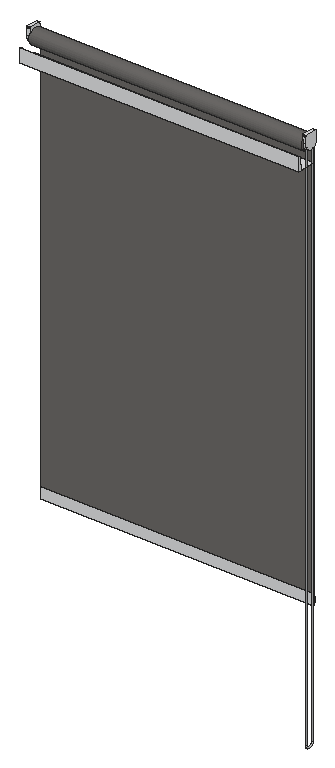
Revit family "Shades-Hunter_Douglas-RB500-Single_Standard_Duty-Clutch-38_46_55_Bracket-Pocket", category Specialty Equipment, Revit 2026
Family settings
  Round Connector Dimension = Use Diameter
  Part Type = Normal
  Classification Number = 23.30.60.14
  Work Plane-Based = No
  Enable Cutting in Views = No
  Always vertical = Yes
  Cut with Voids When Loaded = No
  Maintain Annotation Orientation = No
  Shared = No
  Room Calculation Point = No
Parameters (values of type "38 Gypsum Pocket")
  URL = "https://www.hunterdouglasarchitectural.com/"
  Type Comments = if(CD_Gypsum Pocket, "Gypsum Pocket", if(CD_Surface Pocket, "Surface Pocket", "Tile Pocket"))  # "Gypsum Pocket"
  Default Elevation = 0' - 0"
  CD_Surface Pocket Calc = or(CD_Surface Pocket, CD_Tile Pocket)  # no
  CD_Surface Pocket 55 = and(or(CD_Surface Pocket, CD_Tile Pocket), CD_55)  # no
  CD_Surface Pocket 46 = and(or(CD_Surface Pocket, CD_Tile Pocket), CD_46)  # no
  CD_Surface Pocket 38 = and(or(CD_Surface Pocket, CD_Tile Pocket), CD_38)  # no
  Model = if(CD_55, "Standard Duty Clutch 55 Bracket", if(CD_46, "Standard Duty Automated 46 Bracket", "Standard Duty Automated 55 Bracket"))  # "Standard Duty Automated 55 Bracket"
  Manufacturer = "Hunter Douglas Architectural"  # constant formula
  Description = "Standard Duty Clutch Roller Shade"  # constant formula
  CD_Tile Pocket = no
  CD_Surface Pocket = no
  CD_Top Bracket Offset = if(CD_Gypsum Pocket, 0' 0", 0' 0 3/32")  # 0' - 0"
  CD_Roller Offset = if(CD_Gypsum Pocket, 0' 2 41/64", 0' 2 41/64")  # 0' - 2 41/64"
  CD_Gypsum Pocket 55 = and(CD_Gypsum Pocket, CD_55)  # no
  CD_Gypsum Pocket 46 = and(CD_Gypsum Pocket, CD_46)  # no
  CD_Gypsum Pocket 38 = and(CD_Gypsum Pocket, CD_38)  # yes
  CD_Gypsum Pocket = not(or(CD_Surface Pocket, CD_Tile Pocket))  # yes
  CD_Width [instance] = 4' - 0"
  CD_Warranty = "https://assets.hunterdouglasarchitectural.com/documents/RB500/Lifetime_Guarantee_HDA.pdf?_rand=1465740819000"
  CD_Screen Offset From Face = if(CD_Gypsum Pocket, 0' 1 119/256" - 0' 0 15/64" + 0' 0 9/64", 0' 1 153/256" - 0' 0 29/128")  # 0' - 1 95/256"
  CD_Product Page URL = "https://www.hunterdouglasarchitectural.com/windowcoverings/rollershades/RB500/index.jsp"
  CD_Product Name = "RB 500 Roller Shade System"  # constant formula
  CD_Product Documentation Link = "https://www.hunterdouglasarchitectural.com/windowcoverings/rollershades/RB500/index.jsp#cadDrawing"
  CD_Opening Percentage [instance] = 25
  CD_Microsite = "https://microsite.caddetails.com/1669"
  CD_Install Documentation = "https://www.hunterdouglasarchitectural.com/windowcoverings/rollershades/RB500/index.jsp#installationPage"
  CD_Horizontal Roller Offset = if(CD_55, 0' 3 1/32" - CD_Top Bracket Offset + CD_Bottom Offset + 0' 0 3/128", if(CD_46, 0' 3 13/32" - CD_Top Bracket Offset + CD_Bottom Offset + 0' 0 11/256", 0' 3 75/128" - CD_Top Bracket Offset + CD_Bottom Offset - 0' 0 3/128"))  # 0' - 3 49/128"
  CD_Height Opening [instance] = ((CD_Height - CD_Bracket Height - 0' 1 101/256") * CD_Opening Percentage) / 100  # 1' - 10.40137"
  CD_Height [instance] = 8' - 0"
  CD_Front Gypsum Offset = if(CD_Gypsum Pocket, 0' 0 19/128", 0' 0")  # 0' - 0 19/128"
  CD_Finish Rail = Metal-Aluminum-Hunter_Douglas-Anodized-White
  CD_Finish Frame = Metal-Aluminum-Hunter_Douglas-Anodized-White
  CD_Finish = Fabric-Shade-Hunter_Douglas-5%-E_Screen-Charcoal_Cocoa
  CD_Fabric Sizing Disclaimer = "Designer to verify maximum fabric size with Manufacturer as the maximum fabric size is dependent on finished dimensions"  # constant formula
  CD_Bracket Height = if(CD_Gypsum Pocket, 0' 5", 0' 5 9/32")  # 0' - 5"
  CD_Bracket Depth = if(CD_Gypsum Pocket, 0' 5", 0' 5 9/32")  # 0' - 5"
  CD_Bottom Offset = if(CD_Gypsum Pocket, -0' 0 23/128", 0' 0 25/256")  # -0' - 0 23/128"
  CD_Base Gypsum Offset = if(and(or(CD_46, CD_55), CD_Gypsum Pocket), 0' 0 3/32", 0' 0")  # 0' - 0"
  CD_46 = no
  Assembly Code = "E2010300"
  CD_55 = no
  CD_38 = not(or(CD_55, CD_46))  # yes
Types (10): name | Type Comments | CD_Surface Pocket Calc | CD_Surface Pocket 55 | CD_Surface Pocket 46 | CD_Surface Pocket 38 | Model | CD_Tile Pocket | CD_Surface Pocket | CD_Top Bracket Offset | CD_Gypsum Pocket 55 | CD_Gypsum Pocket 46 | CD_Gypsum Pocket 38 | CD_Gypsum Pocket | CD_Horizontal Roller Offset | CD_Height Opening | CD_Front Gypsum Offset | CD_Bracket Height | CD_Bracket Depth | CD_Bottom Offset | CD_Base Gypsum Offset | CD_46 | CD_55 | CD_38
  (no name) | "Gypsum Pocket" | no | no | no | no | "Standard Duty Automated 55 Bracket" | no | no | 0' - 0" | no | no | yes | yes | 0' - 3 49/128" | 1' - 10.40137" | 0' - 0 19/128" | 0' - 5" | 0' - 5" | -0' - 0 23/128" | 0' - 0" | no | no | yes
  38 Gypsum Pocket | "Gypsum Pocket" | no | no | no | no | "Standard Duty Automated 55 Bracket" | no | no | 0' - 0" | no | no | yes | yes | 0' - 3 49/128" | 1' - 10.40137" | 0' - 0 19/128" | 0' - 5" | 0' - 5" | -0' - 0 23/128" | 0' - 0" | no | no | yes
  38 Tile Pocket | "Tile Pocket" | yes | no | no | yes | "Standard Duty Automated 55 Bracket" | yes | no | 0' - 0 3/32" | no | no | no | no | 0' - 3 145/256" | 1' - 10.33105" | 0' - 0" | 0' - 5 9/32" | 0' - 5 9/32" | 0' - 0 25/256" | 0' - 0" | no | no | yes
  38 Surface Pocket | "Surface Pocket" | yes | no | no | yes | "Standard Duty Automated 55 Bracket" | no | yes | 0' - 0 3/32" | no | no | no | no | 0' - 3 145/256" | 1' - 10.33105" | 0' - 0" | 0' - 5 9/32" | 0' - 5 9/32" | 0' - 0 25/256" | 0' - 0" | no | no | yes
  46 Surface Pocket | "Surface Pocket" | yes | no | yes | no | "Standard Duty Automated 46 Bracket" | no | yes | 0' - 0 3/32" | no | no | no | no | 0' - 3 29/64" | 1' - 10.33105" | 0' - 0" | 0' - 5 9/32" | 0' - 5 9/32" | 0' - 0 25/256" | 0' - 0" | yes | no | no
  55 Surface Pocket | "Surface Pocket" | yes | yes | no | no | "Standard Duty Clutch 55 Bracket" | no | yes | 0' - 0 3/32" | no | no | no | no | 0' - 3 15/256" | 1' - 10.33105" | 0' - 0" | 0' - 5 9/32" | 0' - 5 9/32" | 0' - 0 25/256" | 0' - 0" | no | yes | no
  46 Gypsum Pocket | "Gypsum Pocket" | no | no | no | no | "Standard Duty Automated 46 Bracket" | no | no | 0' - 0" | no | yes | no | yes | 0' - 3 69/256" | 1' - 10.40137" | 0' - 0 19/128" | 0' - 5" | 0' - 5" | -0' - 0 23/128" | 0' - 0 3/32" | yes | no | no
  55 Gypsum Pocket | "Gypsum Pocket" | no | no | no | no | "Standard Duty Clutch 55 Bracket" | no | no | 0' - 0" | yes | no | no | yes | 0' - 2 7/8" | 1' - 10.40137" | 0' - 0 19/128" | 0' - 5" | 0' - 5" | -0' - 0 23/128" | 0' - 0 3/32" | no | yes | no
  46 Tile Pocket | "Tile Pocket" | yes | no | yes | no | "Standard Duty Automated 46 Bracket" | yes | no | 0' - 0 3/32" | no | no | no | no | 0' - 3 29/64" | 1' - 10.33105" | 0' - 0" | 0' - 5 9/32" | 0' - 5 9/32" | 0' - 0 25/256" | 0' - 0" | yes | no | no
  55 Tile Pocket | "Tile Pocket" | yes | yes | no | no | "Standard Duty Clutch 55 Bracket" | yes | no | 0' - 0 3/32" | no | no | no | no | 0' - 3 15/256" | 1' - 10.33105" | 0' - 0" | 0' - 5 9/32" | 0' - 5 9/32" | 0' - 0 25/256" | 0' - 0" | no | yes | no
Reference planes (in)
  plane 1 "Center (Front/Back)": y = 0.76082
  plane 2 "Bottom": z = 0
  plane 3 "Center (Left/Right)": x = 0
  plane 4 "Top": z = 96
  plane 5 "Left": x = -24
  plane 6 "Right": x = 24
  plane 7 "Back": y = 3.40145
  plane 8 "Front": y = -1.59855
  plane 9 "Opening": z = 22.40137
  plane 10 "Head Height": z = 91
  plane 11 "Shade Left": x = -23.44922
  plane 12 "Shade Right": x = 23.44922
  plane 13 "Blind Location": y = 2.03035
  plane 14 "Top Pocket": z = 96
  plane 15 "Center (Elevation)": z = 94.38281
  plane 16 "Top Bracket": z = 96
Forms (in)
  Extrusion 1, solid, material "Fabric-Shade-Hunter_Douglas-5%-E_Screen-Charcoal_Cocoa" <- "CD_Finish"
    sketch origin (0, 5.20776, -0.44956) x (0, 1, 0) y (0, 0, 1)
      loop
        line (-3.15469, 91.68359) -> (-3.15469, 94.84374)
        arc (-3.15469, 94.84374) -> (-5.73295, 94.92847) -> (-3.1949, 94.46706) r 1.29332
        line (-3.1949, 94.46706) -> (-3.1949, 91.68359) -> (-3.15469, 91.68359)
    from -23.44922 to 23.44922
  Extrusion 2, solid, material "Metal-Aluminum-Hunter_Douglas-Anodized-White" <- "CD_Finish Rail", detail levels fine
    sketch origin (0, -1.20495, -20.35107) x (0, 1, 0) y (0, 0, 1)
      loop
        line (3.429, 43.83667) -> (3.25853, 44.56856) -> (3.21208, 44.56856) -> (3.21208, 42.75243) -> (3.29707, 42.75243) -> (3.47983, 43.32416)
        arc (3.47983, 43.32416) -> (3.47646, 43.5826) -> (3.429, 43.83667) r 1.50771
    from -23.44922 to 23.44922
  Extrusion 3, solid, material "Fabric-Shade-Hunter_Douglas-5%-E_Screen-Charcoal_Cocoa" <- "CD_Finish"
    sketch origin (0, 0, 0) x (0, 1, 0) y (0, 0, 1)
      loop
        line (2.05324, 22.40137) -> (2.05324, 91.46875) -> (2.01286, 91.46875) -> (2.01286, 22.40137) -> (2.05324, 22.40137)
    from -23.44922 to 23.44922
  Extrusion 4, solid, material "Metal-Aluminum-Hunter_Douglas-Anodized-White" <- "CD_Finish Frame", visible <- "CD_55", detail levels medium+fine
    sketch origin (0, 33.91288, 35.8975) x (0, 0, 1) y (0, -1, 0)
      loop
        line (59.98852, 32.12048) -> (60.10185, 32.12048) -> (60.10185, 34.12048) -> (59.98852, 34.12048) -> (59.98852, 34.03623) -> (59.80261, 34.03623) -> (59.80261, 34.12048) -> (58.17689, 34.12048)
        arc (58.17689, 34.12048) -> (56.92482, 33.09877) -> (58.2111, 32.12048) r 1.02869
        line (58.2111, 32.12048) -> (59.80261, 32.12048) -> (59.80261, 32.2053) -> (59.98852, 32.2053) -> (59.98852, 32.12048)
    from 23.44922 to 24
  Extrusion 5, solid, material "Metal-Aluminum-Hunter_Douglas-Anodized-White" <- "CD_Finish Frame", visible <- "CD_55", detail levels medium+fine
    sketch origin (0, 33.91288, 35.8975) x (0, 0, 1) y (0, -1, 0)
      loop
        line (59.98852, 32.12048) -> (60.10185, 32.12048) -> (60.10185, 34.12048) -> (59.98852, 34.12048) -> (59.98852, 34.03623) -> (59.80261, 34.03623) -> (59.80261, 34.12048) -> (58.17689, 34.12048)
        arc (58.17689, 34.12048) -> (56.92482, 33.09877) -> (58.2111, 32.12048) r 1.02869
        line (58.2111, 32.12048) -> (59.80261, 32.12048) -> (59.80261, 32.2053) -> (59.98852, 32.2053) -> (59.98852, 32.12048)
    from -24 to -23.44922
  Extrusion 6, solid, material "Metal-Aluminum-Hunter_Douglas-Anodized-White" <- "CD_Finish Frame", visible <- "CD_46", detail levels medium+fine
    sketch origin (0, 34.34577, 36.74211) x (0, 0, 1) y (0, -1, 0)
      loop
        line (59.14391, 32.55336) -> (59.2572, 32.55336) -> (59.2572, 34.55336) -> (59.14391, 34.55336) -> (59.14391, 34.46989) -> (58.95801, 34.46989) -> (58.95801, 34.55414) -> (57.71633, 34.55414)
        arc (57.71633, 34.55414) -> (56.45647, 33.54164) -> (57.73601, 32.55414) r 1.02869
        line (57.73601, 32.55414) -> (58.95801, 32.55414) -> (58.95801, 32.63896) -> (59.14391, 32.63896) -> (59.14391, 32.55336)
    from -24 to -23.44922
  Extrusion 7, solid, material "Metal-Aluminum-Hunter_Douglas-Anodized-White" <- "CD_Finish Frame", visible <- "CD_46", detail levels medium+fine
    sketch origin (0, 34.34577, 36.74211) x (0, 0, 1) y (0, -1, 0)
      loop
        line (59.14391, 32.55336) -> (59.2572, 32.55336) -> (59.2572, 34.55414) -> (59.14391, 34.55414) -> (59.14391, 34.46989) -> (58.95801, 34.46989) -> (58.95801, 34.55414) -> (57.71633, 34.55414)
        arc (57.71633, 34.55414) -> (56.45647, 33.54164) -> (57.73601, 32.55414) r 1.02869
        line (57.73601, 32.55414) -> (58.95801, 32.55414) -> (58.95801, 32.63896) -> (59.14391, 32.63896) -> (59.14391, 32.55336)
    from 23.44922 to 24
  Extrusion 8, solid, material "Metal-Aluminum-Hunter_Douglas-Anodized-White" <- "CD_Finish Frame", visible <- "CD_38", detail levels medium+fine
    sketch origin (0, 35.3739, 36.69413) x (0, 0, 1) y (0, -1, 0)
      loop
        line (59.19193, 33.58189) -> (59.30523, 33.58189) -> (59.30523, 35.58189) -> (59.19193, 35.58189) -> (59.19193, 35.49764) -> (59.00602, 35.49764) -> (59.00602, 35.58189) -> (57.94086, 35.58189)
        arc (57.94086, 35.58189) -> (56.681, 34.56939) -> (57.96054, 33.58189) r 1.02869
        line (57.96054, 33.58189) -> (59.00602, 33.58189) -> (59.00602, 33.66671) -> (59.19193, 33.66671) -> (59.19193, 33.58189)
    from -24 to -23.44922
  Extrusion 9, solid, material "Metal-Aluminum-Hunter_Douglas-Anodized-White" <- "CD_Finish Frame", visible <- "CD_38", detail levels medium+fine
    sketch origin (0, 35.3739, 36.69413) x (0, 0, 1) y (0, -1, 0)
      loop
        line (59.19193, 33.58189) -> (59.30523, 33.58189) -> (59.30523, 35.58189) -> (59.19193, 35.58189) -> (59.19193, 35.49764) -> (59.00602, 35.49764) -> (59.00602, 35.58189) -> (57.94086, 35.58189)
        arc (57.94086, 35.58189) -> (56.681, 34.56939) -> (57.96054, 33.58189) r 1.02869
        line (57.96054, 33.58189) -> (59.00602, 33.58189) -> (59.00602, 33.66671) -> (59.19193, 33.66671) -> (59.19193, 33.58189)
    from 23.44922 to 24
  Extrusion 10, solid, material "Metal-Aluminum-Hunter_Douglas-Anodized-White" <- "CD_Finish Frame", visible <- "CD_Gypsum Pocket", detail levels medium+fine
    sketch origin (0, 8, 6.62755) x (0, 1, 0) y (0, 0, 1)
      loop
        line (-6.48168, 84.37245) -> (-6.48168, 84.44278) -> (-9.41945, 84.44278) -> (-9.41945, 85.39215) -> (-9.6847, 85.39215) -> (-9.6847, 86.69659) -> (-9.74699, 86.69659) -> (-9.74699, 84.37245) -> (-6.48168, 84.37245)
    from -24 to 24
  Extrusion 11, solid, material "Metal-Aluminum-Hunter_Douglas-Anodized-White" <- "CD_Finish Frame", visible <- "CD_Surface Pocket Calc", detail levels medium+fine
    sketch origin (0, 0, 0) x (0, 1, 0) y (0, 0, 1)
      loop
        line (3.40145, 91) -> (3.40145, 96) -> (-1.59203, 96) -> (-1.59203, 91) -> (1.70467, 91) -> (1.70467, 91.07033) -> (-1.2331, 91.07033) -> (-1.2331, 92.01971) -> (-1.49759, 92.01971) -> (-1.49759, 95.90625) -> (3.12214, 95.90625) -> (3.12214, 91) -> (3.40145, 91)
    from -24 to 24
  Extrusion 12, solid, material "Metal-Aluminum-Hunter_Douglas-Anodized-White" <- "CD_Finish Frame", visible <- "CD_Tile Pocket", detail levels medium+fine
    sketch origin (0, 8.14389, -14.00652) x (0, 1, 0) y (0, 0, 1)
      loop
        line (-9.73592, 105.00652) -> (-9.73592, 105.10096) -> (-10.61504, 105.10096) -> (-10.61504, 105.00652) -> (-9.73592, 105.00652)
    from -24 to 24
  Extrusion 13, solid, material "Metal-Aluminum-Hunter_Douglas-Anodized-White" <- "CD_Finish Frame", detail levels coarse
    sketch origin (0, 0, 0) x (0, 1, 0) y (0, 0, 1)
      loop
        line (3.40145, 96) -> (-1.59855, 96) -> (-1.59855, 91) -> (3.40145, 91) -> (3.40145, 96)
    from -24 to 24
  Sweep 14, solid, material "Metal-Aluminum-Hunter_Douglas-Anodized-White" <- "CD_Finish Frame", detail levels fine
    path origin (24, 0, 0) x (0, 0, 1) y (0, -1, 0)
      loop
        line (1.88496, -1.44754) -> (94.3377, -1.44754)
        arc (94.3377, -1.44754) -> (95.01563, -0.76962) -> (94.3377, -0.09169) r 0.67793
        line (94.3377, -0.09169) -> (1.88496, -0.09169)
        arc (1.88496, -0.09169) -> (1.20703, -0.76962) -> (1.88496, -1.44754) r 0.67793
    profile origin (24, 1.44754, 48.11133) x (0, -1, 0) y (1, 0, 0)
      loop
        circle (0, -0.26563) r 0.08594
Cuts and joins
  joined: Extrusion 1, Extrusion 3
Lines and regions (in)
  Masking region 1
    outline origin (0, 0, 0) x (0, 1, 0) y (0, 0, 1)
      loop
        line (2.22404, 23.4856) -> (2.05358, 24.21749) -> (2.00713, 24.21749) -> (2.00713, 22.40137) -> (2.09212, 22.40137) -> (2.27787, 22.97309)
        arc (2.27787, 22.97309) -> (2.26856, 23.2312) -> (2.22404, 23.4856) r 1.8836
Dimensions and locks (in)
  "CD_Height": plane 4 "Top" to plane 2 "Bottom"
  equal spacing: plane 5 "Left", plane 3 "Center (Left/Right)", plane 6 "Right"
  "CD_Width": plane 5 "Left" to plane 6 "Right"
  "CD_Roller Offset": plane 1 "Center (Front/Back)" to plane 7 "Back"
  "CD_Bracket Depth": plane 8 "Front" to plane 7 "Back"
  locked: Extrusion 3 sketch curve to plane 10 "Head Height" at 0.46875
  Extrusion 3 sketch curve to plane 13 "Blind Location" to Extrusion 3 sketch curve = 0' - 0.02288" locked, 0' - 0.01749" locked
  locked: plane 5 "Left" to plane 11 "Shade Left" at 0.55078
  locked: plane 12 "Shade Right" to plane 6 "Right" at 0.55078
  "CD_Height Opening": plane 9 "Opening" to level
  "CD_Bracket Height": plane 4 "Top" to plane 10 "Head Height"
  "CD_Screen Offset From Face": plane 13 "Blind Location" to plane 7 "Back"
  Extrusion 2 sketch curve to plane 9 "Opening" to Extrusion 2 sketch curve to Extrusion 2 sketch curve to Extrusion 2 sketch curve = 0' - 0" locked, 0' - 0.57173" locked, 0' - 0.51251" locked, 0' - 0.7319" locked
  Extrusion 2 sketch curve to Extrusion 2 sketch curve to Extrusion 2 sketch curve to plane 13 "Blind Location" to Extrusion 3 = 0' - 0.18675" locked, 0' - 0.03854" locked, 0' - 0.02323" locked, 0' - 0.01749" locked
  plane 4 "Top" to plane 14 "Top Pocket" = 0' - 0"
  Extrusion 5 sketch curve to Extrusion 5 sketch curve to Extrusion 5 sketch curve to Extrusion 5 sketch curve to Extrusion 5 sketch curve to Extrusion 5 sketch curve to Extrusion 5 sketch curve to plane 7 "Back" = 0' - 0.02458" locked, 0' - 0" locked, 0' - 0.08425" locked, 0' - 1.83093" locked, 0' - 0.08482" locked, 0' - 0" locked, 0' - 1.60905" locked
  plane 16 "Top Bracket" to Extrusion 5 sketch curve to Extrusion 5 sketch curve to Extrusion 5 sketch curve to Extrusion 5 sketch curve to Extrusion 5 sketch curve to Extrusion 5 sketch curve to Extrusion 5 sketch curve to Extrusion 5 sketch curve = 0' - 0.00064" locked, 0' - 0.11334" locked, 0' - 0" locked, 0' - 0.1859" locked, 0' - 0" locked, 0' - 1.59152" locked, 0' - 0.0342" locked, 0' - 1.25222" locked
  Extrusion 4 sketch curve to Extrusion 4 sketch curve to Extrusion 4 sketch curve to Extrusion 4 sketch curve to Extrusion 4 sketch curve to Extrusion 4 sketch curve to Extrusion 4 sketch curve to plane 7 "Back" = 0' - 0.02458" locked, 0' - 0" locked, 0' - 0.08425" locked, 0' - 1.83093" locked, 0' - 0.08482" locked, 0' - 0" locked, 0' - 1.60905" locked
  plane 16 "Top Bracket" to Extrusion 4 sketch curve to Extrusion 4 sketch curve to Extrusion 4 sketch curve to Extrusion 4 sketch curve to Extrusion 4 sketch curve to Extrusion 4 sketch curve to Extrusion 4 sketch curve to Extrusion 4 sketch curve = 0' - 0.00064" locked, 0' - 0.11334" locked, 0' - 0" locked, 0' - 0.1859" locked, 0' - 0" locked, 0' - 1.59152" locked, 0' - 0.0342" locked, 0' - 1.25222" locked
  plane 16 "Top Bracket" to Extrusion 6 sketch curve to Extrusion 6 sketch curve to Extrusion 6 sketch curve to Extrusion 6 sketch curve to Extrusion 6 sketch curve to Extrusion 6 sketch curve to Extrusion 6 sketch curve to Extrusion 6 sketch curve = 0' - 0.00069" locked, 0' - 0 29/256" locked, 0' - 0" locked, 0' - 0.1859" locked, 0' - 0" locked, 0' - 1.222" locked, 0' - 0.01968" locked, 0' - 1.25991" locked
  Extrusion 6 sketch curve to Extrusion 6 sketch curve to Extrusion 6 sketch curve to plane 1 "Center (Front/Back)" to Extrusion 6 sketch curve to Extrusion 6 sketch curve to Extrusion 6 sketch curve to Extrusion 6 sketch curve = 0' - 0.00078" locked, 0' - 0.08482" locked, 0' - 0.94598" locked, 0' - 0.88495" locked, 0' - 0.08347" locked, 0' - 0.00078" locked, 0' - 0.02632" locked
  plane 16 "Top Bracket" to Extrusion 7 sketch curve to Extrusion 7 sketch curve to Extrusion 7 sketch curve to Extrusion 7 sketch curve to Extrusion 7 sketch curve to Extrusion 7 sketch curve to Extrusion 7 sketch curve to Extrusion 7 sketch curve = 0' - 0.00069" locked, 0' - 0 29/256" locked, 0' - 0" locked, 0' - 0.1859" locked, 0' - 0" locked, 0' - 1.222" locked, 0' - 0.01968" locked, 0' - 1.25991" locked
  plane 7 "Back" to Extrusion 7 sketch curve to Extrusion 7 sketch curve to Extrusion 7 sketch curve to Extrusion 7 sketch curve to Extrusion 7 sketch curve to Extrusion 7 sketch curve to Extrusion 7 sketch curve = 0' - 1.60905" locked, 0' - 0.00078" locked, 0' - 0.08482" locked, 0' - 1.83093" locked, 0' - 0.08425" locked, 0' - 0" locked, 0' - 0.02632" locked
  plane 16 "Top Bracket" to Extrusion 8 sketch curve to Extrusion 8 sketch curve to Extrusion 8 sketch curve to Extrusion 8 sketch curve to Extrusion 8 sketch curve to Extrusion 8 sketch curve to Extrusion 8 sketch curve = 0' - 0.00064" locked, 0' - 0.11331" locked, 0' - 0" locked, 0' - 0.1859" locked, 0' - 0" locked, 0' - 1.06516" locked, 0' - 1.25991" locked
  Extrusion 8 sketch curve to Extrusion 8 sketch curve to Extrusion 8 sketch curve to Extrusion 8 sketch curve to Extrusion 8 sketch curve to Extrusion 8 sketch curve to Extrusion 8 sketch curve to plane 7 "Back" = 0' - 0" locked, 0' - 0.08425" locked, 0' - 1.83093" locked, 0' - 0.08482" locked, 0' - 0" locked, 0' - 0.03107" locked, 0' - 1.57837" locked
  plane 16 "Top Bracket" to Extrusion 9 sketch curve to Extrusion 9 sketch curve to Extrusion 9 sketch curve to Extrusion 9 sketch curve to Extrusion 9 sketch curve to Extrusion 9 sketch curve to Extrusion 9 sketch curve = 0' - 0.00064" locked, 0' - 0.11331" locked, 0' - 0" locked, 0' - 0.1859" locked, 0' - 0" locked, 0' - 1.06516" locked, 0' - 1.25991" locked
  Extrusion 9 sketch curve to Extrusion 9 sketch curve to Extrusion 9 sketch curve to Extrusion 9 sketch curve to Extrusion 9 sketch curve to Extrusion 9 sketch curve to Extrusion 9 sketch curve to plane 7 "Back" = 0' - 0" locked, 0' - 0.08425" locked, 0' - 1.83093" locked, 0' - 0.08482" locked, 0' - 0" locked, 0' - 0.03107" locked, 0' - 1.57837" locked
  Extrusion 1 sketch curve to plane 13 "Blind Location" to Extrusion 1 sketch curve to Extrusion 1 sketch curve = 0' - 0.02272" locked, 0' - 0.01749" locked, 0' - 2.54535" locked
  Extrusion 1 sketch curve to plane 15 "Center (Elevation)" to Extrusion 1 sketch curve to Extrusion 1 sketch curve = 0' - 0.01137" locked, 0' - 0.36531" locked, 0' - 2.78347" locked
  "CD_Horizontal Roller Offset": plane 15 "Center (Elevation)" to plane 10 "Head Height"
  Masking region 1 sketch curve to plane 9 "Opening" to Masking region 1 sketch curve to Masking region 1 sketch curve to Masking region 1 sketch curve = 0' - 0" locked, 0' - 0.57173" locked, 0' - 0.51251" locked, 0' - 0.7319" locked
  Masking region 1 sketch curve to Masking region 1 sketch curve to Masking region 1 sketch curve to plane 13 "Blind Location" to Extrusion 3 = 0' - 0.18675" locked, 0' - 0.03854" locked, 0' - 0.02323" locked, 0' - 0.01749" locked
  "CD_Top Bracket Offset": plane 14 "Top Pocket" to plane 16 "Top Bracket"
  plane 7 "Back" to Extrusion 11 sketch curve to Extrusion 11 sketch curve = 0' - 0", 0' - 0.27931" locked
  Extrusion 11 sketch curve to Extrusion 11 sketch curve to plane 10 "Head Height" to Extrusion 11 sketch curve to Extrusion 11 sketch curve = 0' - 0" locked, 0' - 0" locked, 0' - 0 9/128" locked, 0' - 0.94938" locked
  Extrusion 11 to plane 8 "Front" to Extrusion 12 sketch curve = 0' - 0.00652" locked, 0' - 0.8726" locked
  Extrusion 12 sketch curve to Extrusion 12 sketch curve to plane 10 "Head Height" = 0' - 0.09444" locked, 0' - 0" locked
  Extrusion 11 sketch curve to Extrusion 11 sketch curve to Extrusion 11 sketch curve to Extrusion 11 sketch curve to plane 8 "Front" = 0' - 2.93777" locked, 0' - 0.26449" locked, 0' - 0.09444" locked, 0' - 0.00652" locked
  Extrusion 11 sketch curve to Extrusion 11 sketch curve to plane 14 "Top Pocket" = 0' - 0 3/32" locked, 0' - 0" locked
  Extrusion 10 sketch curve to Extrusion 10 sketch curve to Extrusion 10 sketch curve to Extrusion 10 sketch curve = 0' - 0 9/128", 0' - 0.94938" locked, 0' - 1.30443" locked
  Extrusion 10 sketch curve to Extrusion 10 sketch curve to Extrusion 10 sketch curve to Extrusion 10 sketch curve = 0' - 2.93777" locked, 0' - 0.26524" locked, 0' - 0.06229"
  Sweep 14 sketch curve to profile plane to plane 6 "Right" = 0' - 0 23/128" locked, 0' - 0" locked
  locked: Sweep 14 sketch curve to profile plane at 0.08594
  Sweep 14 sketch curve to plane 1 "Center (Front/Back)" to Sweep 14 sketch curve = 0' - 0.68672" locked, 0' - 0.66913" locked
  Sweep 14 sketch curve to level = 0' - 1 53/256"
  Sweep 14 sketch curve to plane 15 "Center (Elevation)" = 0' - 0 81/128"
  "CD_Front Gypsum Offset": plane 8 "Front" to Extrusion 10 sketch curve
  "CD_Base Gypsum Offset": plane 10 "Head Height" to Extrusion 10 sketch curve
  aligned and locked: plane 2 "Bottom" to level
  aligned and locked: Extrusion 3 to plane 11 "Shade Left"
  aligned and locked: plane 12 "Shade Right" to Extrusion 3
  aligned and locked: Extrusion 2 to plane 11 "Shade Left"
  aligned and locked: plane 12 "Shade Right" to Extrusion 2
  aligned and locked: Extrusion 3 to plane 9 "Opening"
  aligned and locked: cut or joined group of Extrusion 1, Extrusion 3 to plane 11 "Shade Left"  (x2)
  aligned and locked: plane 12 "Shade Right" to cut or joined group of Extrusion 1, Extrusion 3  (x2)
  aligned and locked: plane 6 "Right" to Extrusion 9
  aligned and locked: plane 6 "Right" to Extrusion 7
  aligned and locked: plane 6 "Right" to Extrusion 4
  aligned and locked: Extrusion 9 to plane 12 "Shade Right"
  aligned and locked: Extrusion 7 to plane 12 "Shade Right"
  aligned and locked: Extrusion 4 to plane 12 "Shade Right"
  aligned and locked: plane 11 "Shade Left" to Extrusion 8
  aligned and locked: plane 11 "Shade Left" to Extrusion 6
  aligned and locked: plane 11 "Shade Left" to Extrusion 5
  aligned and locked: Extrusion 8 to plane 5 "Left"
  aligned and locked: Extrusion 6 to plane 5 "Left"
  aligned and locked: Extrusion 5 to plane 5 "Left"
  aligned and locked: plane 4 "Top" to Extrusion 13 sketch curve
  aligned and locked: Extrusion 13 sketch curve to plane 7 "Back"
  aligned and locked: Extrusion 10 to Extrusion 13 sketch curve
  aligned and locked: Extrusion 13 to plane 5 "Left"
  aligned and locked: plane 6 "Right" to Extrusion 13
  aligned and locked: plane 6 "Right" to Extrusion 11
  aligned and locked: plane 6 "Right" to Extrusion 10
  aligned and locked: plane 6 "Right" to Extrusion 12
  aligned and locked: Extrusion 11 to plane 5 "Left"
  aligned and locked: Extrusion 10 to plane 5 "Left"
  aligned and locked: Extrusion 12 to plane 5 "Left"
  aligned and locked: plane 8 "Front" to Extrusion 13
Automatic sketch dimensions
  Extrusion 2 sketch curve to Extrusion 2 sketch curve = 0' - 0.08499"
  plane 13 "Blind Location" to Extrusion 2 sketch curve = 0' - 1.2592"
  Extrusion 2 sketch curve to Extrusion 2 sketch curve = 0' - 0.17046"
  Extrusion 3 sketch curve to plane 9 "Opening" = 0' - 0"
  plane 13 "Blind Location" to Masking region 1 sketch curve = 0' - 0.02323"
  plane 1 "Center (Front/Back)" to Masking region 1 sketch curve = 0' - 0.36556"
  Masking region 1 sketch curve to Masking region 1 sketch curve = 0' - 0.17046"
  Extrusion 12 sketch curve to Extrusion 12 sketch curve = 0' - 0.87912"
  Sweep 14 sketch curve to profile plane = 0' - 0"
  plane 8 "Front" to Extrusion 13 sketch curve = 0' - 0"
